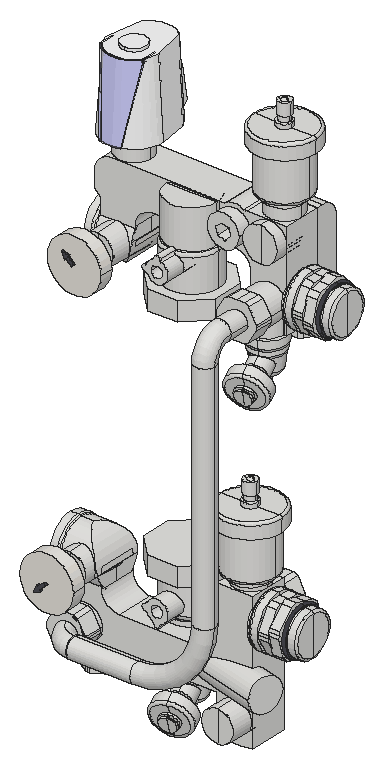
Revit family "VT.COMBI.S", category Оборудование, Revit 2019
Family settings
  Размер круглого соединителя = Использовать диаметр
  Тип детали = Нормальный
  Номер OmniClass = 23.75.00.00
  Заголовок OmniClass = Climate Control (HVAC)
  На основе рабочей плоскости = Нет
  Всегда вертикально = Да
  При загрузке вырезать с полостями = Нет
  Общий = Нет
  Точка расчета площади = Нет
Parameters
  Тип статьи = Группа модели  # "COMBI TNB/T/MNB/M"
  Техническое описание = "https://valtec.ru/catalog/sistemy_modulnogo_montazha/smesitelnye_uzly/nasosno_smesitelnyj_uzel_dlya_teplogo_pola_valtec_combi_vtcombi0.html"
  Термостат с аналоговым сервоприводом [instance] = yes
  Страна производитель = "Italy"
  Семейство продуктов = "Насосно-смесительный узел"
  Произведено в = "Сделано в Италии"  # constant formula
  Продукт = "COMBIMIX"
  Практическое руководство по использованию семьи = "- Вы должны выбрать тип смешивания. Отметьте эту опцию в параметрах «Свойства модели - смешивание с фиксированной точкой» или «Свойства модели - смешивание с внешней компенсированной температурой».\r\n- Вы должны выбрать место для насоса. Отметьте этот параметр в параметрах «Свойства модели - 130 мм пространства насоса» или «Свойства модели - 180 мм пространства насоса».\r\n- Вы должны выбрать, если насос включен или нет. Установите этот флажок в параметрах «Свойства модели - насос включен» или «Свойства модели - насос не включен».\r\n- Вы должны выбрать версию без байпаса (ожидается электронный насос с переменной скоростью) или с байпасом (ожидается стандартный трехскоростной насос). Отметьте эту опцию в параметрах «Свойства модели - байпас для электронасоса с переменной скоростью» или «Свойства модели - байпас для трехскоростного насоса»."
  Полный гидравлический возвратный поток = 0.0 L/s
  Описание Конфигурации = "Регулятор COMBIMIX для излучающих систем."
  Описание OmniClass = "Арматура"
  Описание NBS = "Арматура"
  Общий поток подачи гидравлики = 0.0 L/s
  Номинальная ширина = 0 mm
  Номинальная высота = 0 mm
  Название производителя = "IVAR"
  Материал основной = "Brass"
  Материал вторичный = "Copper"
  Мастерформат 2014 Описание = "Отопление, вентиляция и кондиционирование воздуха (HVAC)"
  Дата публикации = ""
  Группа товаров = "Смесительно группа для систем COMBIMIX"
  Гидравлический поток подачи = 0.0 L/s
  Гидравлический возвратный поток = 0.0 L/s
  нет байпаса для электронного насоса с переменной скоростью [instance] = yes
  байпас для трехскоростного насоса [instance] = not(нет байпаса для электронного насоса с переменной скоростью)  # no
  смешивание с внешней компенсированной температурой [instance] = not(Термостат с аналоговым сервоприводом)  # no
  Вес нетто (Kg) = "0"
  Uniformat II Description = "HVAC"
  Uniclass 2015 Имя = "Системы отопления, охлаждения и охлаждения"
  Uniclass 2.0 Описание = "Арматура"
  Uniclass 1.4 Описание = "Арматура"
  URL продукта = "https://valtec.ru/catalog/sistemy_modulnogo_montazha/smesitelnye_uzly/nasosno_smesitelnyj_uzel_dlya_teplogo_pola_valtec_combi_vtcombi0.html"
  URL бренда = "https://valtec.ru/catalog/sistemy_modulnogo_montazha/smesitelnye_uzly/nasosno_smesitelnyj_uzel_dlya_teplogo_pola_valtec_combi_vtcombi0.html"
  URL = "https://valtec.ru/catalog/sistemy_modulnogo_montazha/smesitelnye_uzly/nasosno_smesitelnyj_uzel_dlya_teplogo_pola_valtec_combi_vtcombi0.html"
  Revit Version = "2018"  # constant formula
  Размеры соединения насоса = "G 1\"1/2F flat seal"
  Product certification = "https://valtec.ru/catalog/sistemy_modulnogo_montazha/smesitelnye_uzly/nasosno_smesitelnyj_uzel_dlya_teplogo_pola_valtec_combi_vtcombi0.html"
  Макс рабочая температура = 100 °C
  Макс рабочее давление = 1000000.0 Pa
  Installation instructions = "https://valtec.ru/catalog/sistemy_modulnogo_montazha/smesitelnye_uzly/nasosno_smesitelnyj_uzel_dlya_teplogo_pola_valtec_combi_vtcombi0.html"
  IFC классификация = "Клапан"
  EAN code = ""
  Размер соединения = "G 1\""
  COBIe Тип Категория = ""
  BIM код основной категории объекта = "Водопровод"
  BIM код категории объекта = "Водопровод-дополнительный"
  BIM категория объекта = "Дополнительный"
  BIM главная категория объекта = "Водопровод"
  180мм пространство насосное [instance] = yes
  Изготовитель = "IVAR"  # constant formula
  Product Line = "RADIANT SYSTEMS"  # constant formula
  Группа модели = "COMBI TNB/T/MNB/M"  # constant formula
  Manufacturer URL = "https://valtec.ru/catalog/sistemy_modulnogo_montazha/smesitelnye_uzly/nasosno_smesitelnyj_uzel_dlya_teplogo_pola_valtec_combi_vtcombi0.html"
  Family Version = "Rev.00"  # constant formula
  EMCS Version = "3.0"  # constant formula
  Описание = "Насосно-смесительный узел"  # constant formula
  Article Description = Описание  # "Насосно-смесительный узел"
Reference planes
  plane 1 "Centro (Fronte/Retro)": y = 0
  plane 2: z = 0
  plane 3 "Centro (Sinistra/Destra)": x = 0
  plane 4: z = 0
Forms (mm)
  Extrusion 1, solid, material "RGB 233 227 216", detail levels medium+fine
    sketch origin (-114.408, -13.86, 331.639) x (1, 0, 0) y (0, 0, -1)
      loop
        circle (113.47, 331.639) r 20
    from -40.997 to -30.914
  Revolve 2, solid, material "Brass - Nickel", detail levels medium+fine
    sketch origin (-0.937, 0, 249.375) x (0, 1, 0) y (0, 0, 1)
      loop
        line (-32.823, -249.203) -> (-32.823, -244.861) -> (-45.074, -244.861) -> (-45.074, -249.203) -> (-32.823, -249.203)
      axis (-32.823, -249.203) -> (-45.074, -249.203)
    angle from 0 to 360
  Revolve 3, solid, material "Brass - Nickel", detail levels medium+fine
    sketch origin (-1, -0.005, 252.093) x (0, 1, 0) y (0, 0, 1)
      loop
        line (4.147, -251.762) -> (4.147, -238.699) -> (-32.823, -239.99) -> (-32.823, -251.762) -> (4.147, -251.762)
      axis (4.147, -251.762) -> (-32.823, -251.762)
    angle from 0 to 360
  Extrusion 4, solid, material "PA Nylon 6 - Black", detail levels fine
    sketch origin (-101.569, 0, 557.735) x (-0.681998, 0, -0.731354) y (0.731354, 0, -0.681998)
      loop
        line (338.094, 453.78) -> (338.094, 447.53) -> (337.012, 447.53) -> (339.344, 442.53) -> (341.834, 447.869) -> (340.594, 447.869) -> (340.594, 453.78) -> (338.094, 453.78)
    from 56.176 to 54.857
  Revolve 5, solid, material "Brass - Nickel", detail levels medium+fine
    sketch origin (223.213, 0, -173.084) x (1, 0, 0) y (0, 0, 1)
      loop
        line (-110.213, 302.071) -> (-111.347, 302.071) -> (-112.213, 300.571) -> (-115.063, 300.571) -> (-115.063, 291.801) -> (-114.013, 291.801) -> (-114.013, 287.571) -> (-115.069, 287.571)
        arc (-115.069, 287.571) -> (-115.552, 287.371) -> (-115.752, 286.887) r 0.683
        line (-115.752, 286.887) -> (-115.752, 283.771) -> (-131.874, 283.771)
        arc (-131.874, 283.771) -> (-133.135, 283.248) -> (-133.657, 281.988) r 1.783
        line (-133.657, 281.988) -> (-133.657, 272.584) -> (-129.113, 272.584) -> (-129.113, 241.092)
        arc (-129.113, 241.092) -> (-128.667, 240.016) -> (-127.591, 239.571) r 1.522
        line (-127.591, 239.571) -> (-123.853, 239.571) -> (-123.853, 235.071) -> (-123.067, 235.071) -> (-123.067, 226.084) -> (-110.213, 226.084) -> (-110.213, 302.071)
      axis (-110.213, 226.084) -> (-110.213, 302.071)
    angle from 0 to 360
  Extrusion 6, solid, material "Brass - Nickel", detail levels medium+fine
    sketch origin (0, 0, 0) x (1, 0, 0) y (0, 0, 1)
      loop
        arc (-18, 30.743) -> (-17.333, 28.119) -> (-15.495, 26.131) r 5.498
        arc (-15.495, 26.131) -> (-13.664, 24.151) -> (-13, 21.538) r 5.476
        line (-13, 21.538) -> (-13, 0) -> (12.997, 0) -> (12.997, 14.004)
        arc (12.997, 14.004) -> (16.804, 23.196) -> (25.996, 27.003) r 12.999
        line (25.996, 27.003) -> (76.011, 27.003)
        arc (76.011, 27.003) -> (80.671, 25.269) -> (85.642, 25.154) r 15
        arc (85.642, 25.154) -> (95.28, 22.328) -> (99.454, 13.192) r 12.086
        line (99.454, 13.192) -> (99.454, -20.5) -> (126, -20.5) -> (126, 53) -> (96.006, 53)
        arc (96.006, 53) -> (95.07, 53.109) -> (94.184, 53.428) r 4.089
        arc (94.184, 53.428) -> (87.289, 54.999) -> (80.441, 53.235) r 15
        arc (80.441, 53.235) -> (79.985, 53.06) -> (79.5, 53) r 2
        line (79.5, 53) -> (-5.024, 53)
        arc (-5.024, 53) -> (-14.199, 49.199) -> (-18, 40.024) r 12.976
        line (-18, 40.024) -> (-18, 30.743)
    from -14.5 to 14.5
  Extrusion 7, solid, material "Brass - Nickel", detail levels fine
    sketch origin (0, 0, 0) x (1, 0, 0) y (0, 0, 1)
      loop
        circle (56.5, 13) r 4.382
      loop
        arc (59.796, 20.411) -> (59.034, 21.054) -> (58.736, 22.006) r 1.787
        arc (58.736, 22.006) -> (56.5, 24.195) -> (54.264, 22.006) r 2.236
        arc (54.264, 22.006) -> (53.966, 21.054) -> (53.204, 20.411) r 1.787
        arc (53.204, 20.411) -> (50.765, 18.735) -> (49.089, 16.296) r 8.111
        arc (49.089, 16.296) -> (48.446, 15.534) -> (47.494, 15.236) r 1.787
        arc (47.494, 15.236) -> (45.305, 13) -> (47.494, 10.764) r 2.236
        arc (47.494, 10.764) -> (48.446, 10.466) -> (49.089, 9.704) r 1.787
        arc (49.089, 9.704) -> (62.235, 7.265) -> (59.796, 20.411) r 8.111
    from 0 to 48.854
  Revolve 8, solid, material "Brass - Nickel", detail levels medium+fine
    sketch origin (0, 0, 0) x (1, 0, 0) y (0, 0, 1)
      loop
        arc (-16.203, -20) -> (-15.418, -19.833) -> (-14.769, -19.36) r 1.926
        arc (-14.769, -19.36) -> (-14.404, -19.094) -> (-13.962, -19) r 1.084
        line (-13.962, -19) -> (12.997, -19) -> (12.997, 0) -> (-21.5, 0) -> (-21.5, -16.3) -> (-21.5, -20) -> (-16.203, -20)
      axis (-21.5, 0) -> (12.997, 0)
    angle from 0 to 360
  Extrusion 9, void
    sketch origin (0, 0, 0) x (1, 0, 0) y (0, 0, 1)
      loop
        line (-4.454, -19) -> (12.997, -19) -> (12.997, 4)
        arc (12.997, 4) -> (8.14, -10.435) -> (-4.454, -19) r 23.882
    from -100 to 100
  Revolve 10, solid, material "Brass - Nickel", detail levels medium+fine
    sketch origin (113, 0, 0) x (-1, 0, 0) y (0, 0, 1)
      loop
        arc (-16.203, -20) -> (-15.418, -19.833) -> (-14.769, -19.36) r 1.926
        arc (-14.769, -19.36) -> (-14.404, -19.094) -> (-13.962, -19) r 1.084
        line (-13.962, -19) -> (-13, -19) -> (-13, 0) -> (-21.5, 0) -> (-21.5, -20) -> (-16.203, -20)
      axis (-21.5, 0) -> (-13, 0)
    angle from 0 to 360
  Extrusion 11, solid, material "Brass - Nickel", detail levels fine
    sketch origin (0.938, 0, 0) x (1, 0, 0) y (0, 0, 1)
      loop
        line (84.327, 45.686) -> (79.904, 41.975) -> (80.907, 36.289) -> (86.332, 34.314) -> (90.755, 38.025) -> (89.752, 43.711) -> (84.327, 45.686)
      loop
        circle (85.33, 40.25) r 12
    from 0 to 24
  Extrusion 12, solid, material "Brass - Nickel", detail levels medium+fine
    sketch origin (0, -174.715, -655.949) x (0, 1, 0) y (0, 0, 1)
      loop
        line (154.855, 658.306) -> (154.855, 655.949) -> (154.855, 653.592) -> (162.743, 639.928) -> (166.826, 637.571) -> (174.723, 637.571) -> (182.604, 637.571) -> (186.687, 639.928) -> (194.576, 653.592) -> (194.576, 655.949) -> (194.576, 658.306) -> (186.687, 671.97) -> (182.604, 674.327) -> (174.723, 674.327) -> (166.826, 674.327) -> (162.743, 671.97) -> (154.855, 658.306)
    from 134.5 to 142.29
  Extrusion 13, solid, material "Brass - Nickel", detail levels medium+fine
    sketch origin (7.79, -10.837, -678.732) x (0, 0.970296, 0.241922) y (0, -0.241922, 0.970296)
      loop
        line (154.855, 658.306) -> (154.855, 655.949) -> (154.855, 653.592) -> (162.743, 639.928) -> (166.826, 637.571) -> (174.723, 637.571) -> (182.604, 637.571) -> (186.687, 639.928) -> (194.576, 653.592) -> (194.576, 655.949) -> (194.576, 658.306) -> (186.687, 671.97) -> (182.604, 674.327) -> (174.723, 674.327) -> (166.826, 674.327) -> (162.743, 671.97) -> (154.855, 658.306)
    from 134.5 to 142.29
  Extrusion 14, solid, material "Brass - Nickel", detail levels medium+fine
    sketch origin (0, 0, 0) x (1, 0, 0) y (0, 0, 1)
      loop
        circle (112.83, -1.5) r 13
    from -13.998 to 31.533
  Extrusion 15, solid, material "Brass - Nickel", detail levels medium+fine
    sketch origin (-61.893, 92.346, -657.449) x (1, 0, 0) y (0, 0, 1)
      loop
        line (159.873, 657.711) -> (159.873, 655.949) -> (159.873, 654.187) -> (165.769, 643.974) -> (168.821, 642.212) -> (174.723, 642.212) -> (180.613, 642.212) -> (183.665, 643.974) -> (189.561, 654.187) -> (189.561, 655.949) -> (189.561, 657.711) -> (183.665, 667.924) -> (180.613, 669.686) -> (174.723, 669.686) -> (168.821, 669.686) -> (165.769, 667.924) -> (159.873, 657.711)
    from 123.88 to 136.846
  Extrusion 16, solid, material "RGB 233 227 216", detail levels medium+fine
    sketch origin (-114.095, -40.003, -533.639) x (1, 0, 0) y (0, 0, -1)
      loop
        circle (113.47, -331.619) r 20
    from -40.997 to -30.914
  Revolve 17, solid, material "Brass - Nickel", detail levels medium+fine
    sketch origin (-0.625, -26.143, -451.375) x (0, 1, 0) y (0, 0, 1)
      loop
        line (-32.823, 249.182) -> (-45.074, 249.182) -> (-45.074, 244.841) -> (-32.823, 244.841) -> (-32.823, 249.182)
      axis (-32.823, 249.182) -> (-45.074, 249.182)
    angle from 0 to 360
  Revolve 18, solid, material "Brass - Nickel", detail levels medium+fine
    sketch origin (-0.937, -26.143, -454.075) x (0, 1, 0) y (0, 0, 1)
      loop
        line (4.147, 251.742) -> (-32.823, 251.742) -> (-32.823, 239.969) -> (4.147, 238.678) -> (4.147, 251.742)
      axis (4.147, 251.742) -> (-32.823, 251.742)
    angle from 0 to 360
  Extrusion 19, solid, material "PA Nylon 6 - Black", detail levels fine
    sketch origin (-101.256, -26.143, -759.735) x (-0.681998, 0, 0.731354) y (-0.731354, 0, -0.681998)
      loop
        line (338.079, -453.766) -> (340.579, -453.766) -> (340.579, -447.855) -> (341.819, -447.855) -> (339.329, -442.516) -> (336.998, -447.516) -> (338.079, -447.516) -> (338.079, -453.766)
    from 56.176 to 54.857
  Extrusion 20, solid, material "Brass - Nickel", detail levels medium+fine
    sketch origin (0, -32, -202) x (1, 0, 0) y (0, 0, 1)
      loop
        line (-18, -30.763) -> (-18, -40.044)
        arc (-18, -40.044) -> (-14.199, -49.22) -> (-5.024, -53.02) r 12.976
        line (-5.024, -53.02) -> (99.525, -53.02) -> (99.525, -81.481)
        arc (99.525, -81.481) -> (112.762, -83.009) -> (126, -81.481) r 58.134
        line (126, -81.481) -> (126, 20.48) -> (99.454, 20.48) -> (99.454, -14.041)
        arc (99.454, -14.041) -> (95.651, -23.221) -> (86.471, -27.024) r 12.982
        line (86.471, -27.024) -> (25.996, -27.024)
        arc (25.996, -27.024) -> (16.804, -23.216) -> (12.997, -14.025) r 12.999
        line (12.997, -14.025) -> (12.997, -0.02) -> (-13, -0.02) -> (-13, -21.558)
        arc (-13, -21.558) -> (-13.664, -24.172) -> (-15.495, -26.151) r 5.476
        arc (-15.495, -26.151) -> (-17.333, -28.139) -> (-18, -30.763) r 5.498
    from -14.5 to 14.5
  Extrusion 21, solid, material "Brass - Nickel", detail levels fine
    sketch origin (0, 0, -202) x (1, 0, 0) y (0, 0, 1)
      loop
        circle (56.5, -13.02) r 4.382
      loop
        arc (59.796, -20.431) -> (62.235, -7.285) -> (49.089, -9.724) r 8.111
        arc (49.089, -9.724) -> (48.446, -10.486) -> (47.494, -10.785) r 1.787
        arc (47.494, -10.785) -> (45.305, -13.02) -> (47.494, -15.256) r 2.236
        arc (47.494, -15.256) -> (48.446, -15.555) -> (49.089, -16.317) r 1.787
        arc (49.089, -16.317) -> (50.765, -18.755) -> (53.204, -20.431) r 8.111
        arc (53.204, -20.431) -> (53.966, -21.075) -> (54.264, -22.026) r 1.787
        arc (54.264, -22.026) -> (56.5, -24.216) -> (58.736, -22.026) r 2.236
        arc (58.736, -22.026) -> (59.034, -21.075) -> (59.796, -20.431) r 1.787
    from 0 to 48.854
  Revolve 22, solid, material "Brass - Nickel", detail levels medium+fine
    sketch origin (0, -32, -202) x (1, 0, 0) y (0, 0, -1)
      loop
        line (-13, 46.622) -> (0, 46.622) -> (0, 60.52) -> (-13, 60.52) -> (-13, 46.622)
      axis (0, 46.622) -> (0, 60.52)
    angle from 0 to 360
  Revolve 23, solid, material "Brass - Nickel", detail levels medium+fine
    sketch origin (0, -32, -202) x (1, 0, 0) y (0, 0, -1)
      loop
        arc (-16.203, -19.98) -> (-15.418, -19.812) -> (-14.769, -19.34) r 1.926
        arc (-14.769, -19.34) -> (-14.404, -19.074) -> (-13.962, -18.98) r 1.084
        line (-13.962, -18.98) -> (12.997, -18.98) -> (12.997, 0.02) -> (-21.5, 0.02) -> (-21.5, -16.239) -> (-21.5, -19.98) -> (-16.203, -19.98)
      axis (-21.5, 0.02) -> (12.997, 0.02)
    angle from 0 to 360
  Extrusion 24, void
    sketch origin (0, 0, -202) x (1, 0, 0) y (0, 0, 1)
      loop
        arc (-4.454, 18.98) -> (8.14, 10.415) -> (12.997, -4.02) r 23.882
        line (12.997, -4.02) -> (12.997, 18.98) -> (-4.454, 18.98)
    from -8.09 to 55
  Revolve 25, solid, material "Brass - Nickel", detail levels medium+fine
    sketch origin (113, -32, -202) x (-1, 0, 0) y (0, 0, -1)
      loop
        arc (-16.203, -19.98) -> (-15.418, -19.812) -> (-14.769, -19.34) r 1.926
        arc (-14.769, -19.34) -> (-14.404, -19.074) -> (-13.962, -18.98) r 1.084
        line (-13.962, -18.98) -> (-13, -18.98) -> (-13, 0.02) -> (-21.5, 0.02) -> (-21.5, -19.98) -> (-16.203, -19.98)
      axis (-21.5, 0.02) -> (-13, 0.02)
    angle from 0 to 360
  Extrusion 26, solid, material "Brass - Nickel", detail levels medium+fine
    sketch origin (0, -206.715, 453.949) x (0, 1, 0) y (0, 0, 1)
      loop
        line (154.855, -658.327) -> (162.743, -671.991) -> (166.826, -674.348) -> (174.723, -674.348) -> (182.604, -674.348) -> (186.687, -671.991) -> (194.576, -658.327) -> (194.576, -655.969) -> (194.576, -653.612) -> (186.687, -639.948) -> (182.604, -637.591) -> (174.723, -637.591) -> (166.826, -637.591) -> (162.743, -639.948) -> (154.855, -653.612) -> (154.855, -655.969) -> (154.855, -658.327)
    from 134.5 to 142.29
  Extrusion 27, solid, material "Brass - Nickel", detail levels medium+fine
    sketch origin (7.79, -42.837, 476.732) x (0, 0.970296, -0.241922) y (0, 0.241922, 0.970296)
      loop
        line (154.859, -658.326) -> (162.748, -671.99) -> (166.831, -674.347) -> (174.727, -674.347) -> (182.609, -674.347) -> (186.692, -671.99) -> (194.581, -658.326) -> (194.581, -655.969) -> (194.581, -653.612) -> (186.692, -639.948) -> (182.609, -637.59) -> (174.727, -637.59) -> (166.831, -637.59) -> (162.748, -639.948) -> (154.859, -653.612) -> (154.859, -655.969) -> (154.859, -658.326)
    from 134.5 to 142.29
  Extrusion 28, solid, material "Brass - Nickel", detail levels medium+fine
    sketch origin (0, 0, -203.5) x (1, 0, 0) y (0, 0, 1)
      loop
        circle (112.83, 1.48) r 11.5
    from 10.5 to 32
  Revolve 29, solid, material "Brass - Nickel", detail levels medium+fine
    sketch origin (223.213, -32, -413.834) x (1, 0, 0) y (0, 0, 1)
      loop
        line (-110.213, 302.008) -> (-111.347, 302.008) -> (-112.213, 300.508) -> (-115.063, 300.508) -> (-115.063, 291.739) -> (-114.013, 291.739) -> (-114.013, 287.508) -> (-115.069, 287.508)
        arc (-115.069, 287.508) -> (-115.552, 287.308) -> (-115.752, 286.824) r 0.683
        line (-115.752, 286.824) -> (-115.752, 283.708) -> (-131.874, 283.708)
        arc (-131.874, 283.708) -> (-133.135, 283.186) -> (-133.657, 281.925) r 1.783
        line (-133.657, 281.925) -> (-133.657, 272.522) -> (-129.113, 272.522) -> (-129.113, 241.072)
        arc (-129.113, 241.072) -> (-128.667, 239.996) -> (-127.591, 239.55) r 1.522
        line (-127.591, 239.55) -> (-123.853, 239.55) -> (-123.853, 235.05) -> (-123.067, 235.05) -> (-123.067, 226.064) -> (-110.213, 226.064) -> (-110.213, 302.008)
      axis (-110.213, 226.064) -> (-110.213, 302.008)
    angle from 0 to 360
  Extrusion 30, solid, material "Brass - Nickel", detail levels medium+fine
    sketch origin (-349.401, -1008.659, -300.146) x (1, 0, 0) y (0, 1, 0)
      loop
        line (349.401, 988.062) -> (347.987, 987.964) -> (340.298, 983.524) -> (338.907, 981.116) -> (338.907, 976.662) -> (338.907, 972.209) -> (340.298, 969.801) -> (347.987, 965.361) -> (349.401, 965.262) -> (350.816, 965.361) -> (358.505, 969.801) -> (359.896, 972.209) -> (359.896, 976.662) -> (359.896, 981.116) -> (358.505, 983.524) -> (350.816, 987.964) -> (349.401, 988.062)
    from 22.503 to 30
  Extrusion 31, solid, material "Brass - Nickel", detail levels medium+fine
    sketch origin (-349.401, -1008.659, 20) x (1, 0, 0) y (0, 1, 0)
      loop
        line (349.401, 988.662) -> (343.783, 988.662) -> (341.818, 987.528) -> (336.2, 977.797) -> (336.2, 976.659) -> (336.2, 975.528) -> (341.818, 965.797) -> (343.783, 964.662) -> (349.401, 964.662) -> (355.019, 964.662) -> (356.985, 965.797) -> (362.603, 975.528) -> (362.603, 976.659) -> (362.603, 977.797) -> (356.985, 987.528) -> (355.019, 988.662) -> (349.401, 988.662)
    from -290.146 to -282.5
  Extrusion 32, solid, material "Brass - Nickel", detail levels medium+fine
    sketch origin (-112.83, -32, -240.5) x (1, 0, 0) y (0, 0, 1)
      loop
        circle (112.83, -1.52) r 13
    from 0 to 31.533
  Extrusion 33, solid, material "Brass - Nickel", detail levels medium+fine
    sketch origin (-174.723, 73.284, -897.949) x (1, 0, 0) y (0, 0, 1)
      loop
        line (159.873, 657.691) -> (159.873, 655.929) -> (159.873, 654.167) -> (165.769, 643.954) -> (168.821, 642.192) -> (174.723, 642.192) -> (180.613, 642.192) -> (183.665, 643.954) -> (189.561, 654.167) -> (189.561, 655.929) -> (189.561, 657.691) -> (183.665, 667.904) -> (180.613, 669.665) -> (174.723, 669.665) -> (168.821, 669.665) -> (165.769, 667.904) -> (159.873, 657.691)
    from 123.88 to 136.846
  Revolve 34, solid, material "Brass - Nickel", detail levels medium+fine
    sketch origin (112.762, -29.643, -518.075) x (0, 1, 0) y (0, 0, 1)
      loop
        line (-9.511, 251.742) -> (-32.823, 251.742) -> (-32.823, 239.969) -> (-9.511, 239.562) -> (-9.511, 251.742)
      axis (-9.511, 251.742) -> (-32.823, 251.742)
    angle from 0 to 360
  Extrusion 35, solid, material "Brass - Nickel", detail levels fine
    sketch origin (123.394, 6.71, 0) x (0.258819, 0.965926, 0) y (0, 0, 1)
      loop
        circle (-50.614, -242.021) r 12.5
    from -36.32 to 28.834
  Sweep 36, solid, material "Copper - Nickel", detail levels medium+fine
    path origin (0, -75, 0) x (1, 0, 0) y (0, 0, 1)
      loop
        line (15, -242.021) -> (63, -242.021)
        arc (63, -242.021) -> (98.355, -227.377) -> (113, -192.021) r 50
        line (113, -192.021) -> (113, -16.5)
    profile origin (39, -75, -242.021) x (0, 0, 1) y (0, -1, 0)
      loop
        circle (0, 0) r 7.5
  Sweep 37, solid, material "Copper - Nickel", detail levels medium+fine
    path origin (113, 0, 0) x (0, 1, 0) y (0, 0, 1)
      loop
        arc (-75, -16.5) -> (-70.607, -5.893) -> (-60, -1.5) r 15
        line (-60, -1.5) -> (-41.249, -1.5)
    profile origin (113, -50.625, -1.5) x (0, 0, 1) y (1, 0, 0)
      loop
        circle (0, 0) r 7.5
  Sweep 38, solid, material "Copper - Nickel", detail levels medium+fine
    path origin (-1.5, 0, -242.001) x (0, 1, 0) y (-1, 0, 0)
      loop
        arc (-75, -16.5) -> (-70.607, -5.893) -> (-60, -1.5) r 15
        line (-60, -1.5) -> (-51.71, -1.5)
    profile origin (0, -55.855, -242.001) x (-1, 0, 0) y (0, 0, 1)
      loop
        circle (0, 0) r 7.5
  Revolve 39, solid, material "Plastic - White", visible <- "смешивание с внешней компенсированной температурой", detail levels medium+fine
    sketch origin (-223.298, 0, 9.135) x (1, 0, 0) y (0, 0, 1)
      loop
        line (223.298, 54.834) -> (223.298, 76.174) -> (220.679, 76.174)
        arc (220.679, 76.174) -> (216.266, 75.966) -> (211.892, 75.341) r 46.754
        arc (211.892, 75.341) -> (209.309, 73.812) -> (208.292, 70.988) r 4.433
        line (208.292, 70.988) -> (208.292, 67.232)
        arc (208.292, 67.232) -> (207.891, 65.17) -> (206.747, 63.407) r 5.507
        arc (206.747, 63.407) -> (206.415, 62.896) -> (206.299, 62.298) r 1.596
        line (206.299, 62.298) -> (206.299, 54.834) -> (223.298, 54.834)
      axis (223.298, 54.834) -> (223.298, 76.174)
    angle from 0 to 360
  Extrusion 40, solid, material "Brass - Nickel", detail levels medium+fine
    sketch origin (-2.108, 0, 0) x (0, 1, 0) y (0, 0, 1)
      loop
        line (14.5, 53) -> (14.5, -20.5) -> (32, -20.5) -> (32, 40.425)
        arc (32, 40.425) -> (28.317, 49.317) -> (19.425, 53) r 12.575
        line (19.425, 53) -> (14.5, 53)
    from 101.562 to 128.108
  Extrusion 41, solid, material "Brass - Nickel", detail levels medium+fine
    sketch origin (-61.893, 104.846, -857.949) x (1, 0, 0) y (0, 0, 1)
      loop
        line (159.873, 657.691) -> (159.873, 655.929) -> (159.873, 654.167) -> (165.769, 643.954) -> (168.821, 642.192) -> (174.723, 642.192) -> (180.613, 642.192) -> (183.665, 643.954) -> (189.561, 654.167) -> (189.561, 655.929) -> (189.561, 657.691) -> (183.665, 667.904) -> (180.613, 669.665) -> (174.723, 669.665) -> (168.821, 669.665) -> (165.769, 667.904) -> (159.873, 657.691)
    from 103.846 to 115.346
  Extrusion 42, solid, material "Brass - Nickel", detail levels medium+fine
    sketch origin (-61.723, -637.395, -136.345) x (1, 0, 0) y (0, 1, 0)
      loop
        line (159.873, 657.711) -> (159.873, 655.949) -> (159.873, 654.187) -> (165.769, 643.974) -> (168.821, 642.212) -> (174.723, 642.212) -> (180.613, 642.212) -> (183.665, 643.974) -> (189.561, 654.187) -> (189.561, 655.949) -> (189.561, 657.711) -> (183.665, 667.924) -> (180.613, 669.686) -> (174.723, 669.686) -> (168.821, 669.686) -> (165.769, 667.924) -> (159.873, 657.711)
    from 103.846 to 115.845
  Extrusion 43, solid, material "Brass - Nickel", detail levels medium+fine
    sketch origin (0, 0, 0) x (1, 0, 0) y (0, 1, 0)
      loop
        circle (112.926, -14.736) r 11.4
    from -20.196 to 0
  Sweep 44, solid, material "Copper - Nickel", visible <- "байпас для трехскоростного насоса", detail levels medium+fine
    path origin (0, 0, 0) x (0, 1, 0) y (0, 0, 1)
      loop
        line (-4.679, -202.02) -> (-1.5, -202.02)
        arc (-1.5, -202.02) -> (12.642, -196.163) -> (18.5, -182.02) r 20
        line (18.5, -182.02) -> (18.5, -28.25)
    profile origin (0, -3.09, -202.02) x (0, 0, 1) y (1, 0, 0)
      loop
        circle (0, 113) r 7.5
  Revolve 45, solid, material "Brass - Nickel", visible <- "байпас для трехскоростного насоса", detail levels medium+fine
    sketch origin (113, -421.12, -92.461) x (0, 0.230646, -0.973038) y (0, 0.973038, 0.230646)
      loop
        line (-41.775, 398.068) -> (-37.021, 418.126) -> (-47.69, 420.656) -> (-48.843, 415.79) -> (-47.344, 413.649) -> (-50.545, 400.147) -> (-41.775, 398.068)
      axis (-37.021, 418.126) -> (-41.775, 398.068)
    angle from 0 to 360
  Revolve 46, solid, material "PA Nylon 6 - Black", visible <- "байпас для трехскоростного насоса", detail levels medium+fine
    sketch origin (113, -421.12, -92.461) x (0, 0.230646, -0.973038) y (0, 0.973038, 0.230646)
      loop
        line (-48.579, 369.364) -> (-41.775, 398.068) -> (-52.944, 400.715) -> (-54.367, 399.186) -> (-54.629, 398.038) -> (-55.569, 398.253) -> (-56.295, 397.136)
        arc (-56.295, 397.136) -> (-56.522, 396.707) -> (-56.671, 396.246) r 2.761
        line (-56.671, 396.246) -> (-61.446, 375.29)
        arc (-61.446, 375.29) -> (-61.089, 373.171) -> (-59.344, 371.916) r 2.823
        line (-59.344, 371.916) -> (-48.579, 369.364)
      axis (-41.775, 398.068) -> (-48.579, 369.364)
    angle from 0 to 360
  Revolve 47, solid, material "Brass - Nickel", detail levels medium+fine
    sketch origin (113, -421.12, -92.461) x (0, 0.230646, -0.973038) y (0, 0.973038, 0.230646)
      loop
        line (-37.021, 418.126) -> (-31.761, 440.317) -> (-44.376, 443.307) -> (-49.636, 421.117) -> (-37.021, 418.126)
      axis (-31.761, 440.317) -> (-37.021, 418.126)
    angle from 0 to 360
  Revolve 48, solid, material "Brass - Nickel", detail levels medium+fine
    sketch origin (36.171, 59.526, 0) x (-0.258819, 0.965926, 0) y (0, 0, 1)
      loop
        line (-78.453, -259.696) -> (-78.453, -291.6) -> (-75.493, -291.6) -> (-75.493, -286.656) -> (-72.071, -286.656)
        arc (-72.071, -286.656) -> (-69.415, -285.636) -> (-68.123, -283.101) r 3.97
        line (-68.123, -283.101) -> (-67.051, -272.899) -> (-65.967, -270.773) -> (-65.967, -267.44) -> (-64.703, -265.494) -> (-64.703, -259.696) -> (-78.453, -259.696)
      axis (-78.453, -259.696) -> (-78.453, -291.6)
    angle from 0 to 360
  Revolve 49, solid, material "Brass - Nickel", detail levels medium+fine
    sketch origin (36.171, 59.526, 0) x (-0.258819, 0.965926, 0) y (0, 0, 1)
      loop
        line (-86.615, -269.057) -> (-97.744, -273.108) -> (-104.8, -270.54) -> (-105.633, -270.843) -> (-106.342, -268.893) -> (-113.343, -271.441)
        arc (-113.343, -271.441) -> (-114.394, -272.404) -> (-114.456, -273.828) r 1.863
        line (-114.456, -273.828) -> (-112.391, -279.503) -> (-114.243, -280.177) -> (-113.387, -282.529) -> (-114.367, -282.886) -> (-114.881, -281.473) -> (-116.003, -281.882) -> (-113.95, -287.52) -> (-83.878, -276.575) -> (-86.615, -269.057)
      axis (-113.95, -287.52) -> (-83.878, -276.575)
    angle from 0 to 360
  Revolve 50, solid, material "Brass - Nickel", detail levels medium+fine
    sketch origin (92.621, 59.476, 239.5) x (-0.258819, 0.965926, 0) y (0, 0, 1)
      loop
        line (-78.453, -259.696) -> (-78.453, -291.6) -> (-75.493, -291.6) -> (-75.493, -286.656) -> (-72.071, -286.656)
        arc (-72.071, -286.656) -> (-69.415, -285.636) -> (-68.123, -283.101) r 3.97
        line (-68.123, -283.101) -> (-67.051, -272.899) -> (-65.967, -270.773) -> (-65.967, -267.44) -> (-64.703, -265.494) -> (-64.703, -259.696) -> (-78.453, -259.696)
      axis (-78.453, -259.696) -> (-78.453, -291.6)
    angle from 0 to 360
  Revolve 51, solid, material "Brass - Nickel", detail levels medium+fine
    sketch origin (92.621, 59.476, 239.5) x (-0.258819, 0.965926, 0) y (0, 0, 1)
      loop
        line (-86.615, -269.057) -> (-97.744, -273.108) -> (-104.8, -270.54) -> (-105.633, -270.843) -> (-106.342, -268.893) -> (-113.343, -271.441)
        arc (-113.343, -271.441) -> (-114.394, -272.404) -> (-114.456, -273.828) r 1.863
        line (-114.456, -273.828) -> (-112.391, -279.503) -> (-114.243, -280.177) -> (-113.387, -282.529) -> (-114.367, -282.886) -> (-114.881, -281.473) -> (-116.003, -281.882) -> (-113.95, -287.52) -> (-83.878, -276.575) -> (-86.615, -269.057)
      axis (-113.95, -287.52) -> (-83.878, -276.575)
    angle from 0 to 360
  Revolve 52, solid, material "Brass - Nickel", detail levels medium+fine
    sketch origin (0, 0, 0.097) x (1, 0, 0) y (0, 0, 1)
      loop
        line (-14.298, 64.256) -> (-14.298, 69.256) -> (0, 69.256) -> (0, 73.756) -> (-16.498, 73.756) -> (-16.498, 64.256) -> (-14.298, 64.256)
      axis (0, 73.756) -> (0, 64.256)
    angle from 0 to 360
  Revolve 53, solid, material "Brass - Nickel", detail levels medium+fine
    sketch origin (-624.799, 0, -398.804) x (1, 0, 0) y (0, 0, 1)
      loop
        line (611.875, 445.528) -> (624.799, 445.528) -> (624.799, 482.836) -> (623.656, 482.836) -> (623.656, 476.561) -> (621.259, 476.561) -> (621.259, 473.629) -> (615.63, 473.629) -> (615.63, 468.157) -> (610.938, 468.157) -> (609.938, 467.157) -> (609.938, 464.657) -> (610.938, 463.657) -> (611.875, 463.657) -> (611.875, 445.528)
      axis (624.799, 482.836) -> (624.799, 445.528)
    angle from 0 to 360
  Revolve 54, solid, material "Brass - Nickel", detail levels medium+fine
    sketch origin (-447.726, -32, -641.307) x (1, 0, 0) y (0, 0, 1)
      loop
        line (597.807, 439.307) -> (607.976, 439.307) -> (607.976, 453.736) -> (606.869, 455.653) -> (601.869, 455.653) -> (600.936, 454.038) -> (597.807, 454.038) -> (597.807, 439.307)
      axis (597.807, 439.307) -> (607.976, 439.307)
    angle from 0 to 360
  Revolve 55, solid, material "Brass - Nickel", detail levels medium+fine
    sketch origin (-447.726, 0, -439.307) x (1, 0, 0) y (0, 0, 1)
      loop
        line (597.807, 439.307) -> (607.976, 439.307) -> (607.976, 453.736) -> (606.869, 455.653) -> (601.869, 455.653) -> (600.936, 454.038) -> (597.807, 454.038) -> (597.807, 439.307)
      axis (597.807, 439.307) -> (607.976, 439.307)
    angle from 0 to 360
  Revolve 56, solid, material "EPDM - Black", detail levels fine
    sketch origin (40.346, 0, 17.25) x (1, 0, 0) y (0, 0, 1)
      loop
        circle (111.009, -0.491) r 1.25
      axis (109.759, -17.25) -> (112.259, -17.25)
    angle from 0 to 360
  Revolve 57, solid, material "EPDM - Black", detail levels fine
    sketch origin (40.346, -32, -184.781) x (1, 0, 0) y (0, 0, 1)
      loop
        circle (111.009, -0.491) r 1.25
      axis (109.759, -17.25) -> (112.259, -17.25)
    angle from 0 to 360
  Extrusion 58, solid, material "Brass - Nickel", visible <- "180мм пространство насосное", detail levels medium+fine
    sketch origin (277.5, 40.258, -251.17) x (-1, 0, 0) y (0, -1, 0)
      loop
        line (248.125, 45.327) -> (248.125, 67.798) -> (232.236, 83.687) -> (209.764, 83.687) -> (193.875, 67.798) -> (193.875, 45.327) -> (209.764, 29.438) -> (232.236, 29.438) -> (248.125, 45.327)
    from 232.17 to 246.7
  Extrusion 59, solid, material "Brass - Nickel", visible <- "180мм пространство насосное", detail levels medium+fine
    sketch origin (277.5, 40.258, -429.73) x (-1, 0, 0) y (0, -1, 0)
      loop
        line (248.125, 45.327) -> (248.125, 67.798) -> (232.236, 83.687) -> (209.764, 83.687) -> (193.875, 67.798) -> (193.875, 45.327) -> (209.764, 29.438) -> (232.236, 29.438) -> (248.125, 45.327)
    from 232.249 to 246.68
  Revolve 60, solid, material "Brass - Nickel", visible <- "180мм пространство насосное", detail levels medium+fine
    sketch origin (0, -16.304, 0) x (0, 0, -1) y (-1, 0, 0)
      loop
        arc (-19.843, -36.5) -> (-21.368, -36.798) -> (-22.668, -37.648) r 4.05
        arc (-22.668, -37.648) -> (-22.997, -37.863) -> (-23.384, -37.939) r 1.025
        line (-23.384, -37.939) -> (-52.431, -37.939) -> (-52.431, -56.5) -> (11.076, -56.5) -> (11.076, -36.5) -> (-19.843, -36.5)
      axis (-52.431, -56.5) -> (11.076, -56.5)
    angle from 0 to 360
  Revolve 61, solid, material "Brass - Nickel", visible <- "180мм пространство насосное", detail levels medium+fine
    sketch origin (0, -16.304, -202) x (0, 0, 1) y (-1, 0, 0)
      loop
        arc (-19.864, -36.5) -> (-21.388, -36.798) -> (-22.689, -37.648) r 4.05
        arc (-22.689, -37.648) -> (-23.018, -37.863) -> (-23.404, -37.939) r 1.025
        line (-23.404, -37.939) -> (-53.02, -37.939) -> (-53.02, -41.387)
        arc (-53.02, -41.387) -> (-53.639, -42.881) -> (-55.133, -43.5) r 2.113
        line (-55.133, -43.5) -> (-57.717, -43.5) -> (-57.717, -56.5) -> (10.872, -56.5) -> (10.872, -36.5) -> (-19.864, -36.5)
      axis (-57.717, -56.5) -> (10.872, -56.5)
    angle from 0 to 360
Cuts and joins
  Extrusion 9, Extrusion 24 cuts Extrusion 6
  Extrusion 9, Extrusion 24 cuts Revolve 8
  Extrusion 24 cuts Extrusion 1
  Extrusion 24 cuts Revolve 3
  Extrusion 24 cuts Extrusion 16
  Extrusion 24 cuts Extrusion 20
  Extrusion 24 cuts Revolve 23
Lines and regions (mm)
  model lines, style "IVAR_LOW PROFILE", detail levels coarse
    curve 1: line (-40.656, -85.819, -299.548) -> (160.338, -85.819, -299.548)
    curve 2: line (160.338, -85.819, -299.548) -> (160.338, 32.29, -299.548)
    curve 3: line (160.338, 32.29, -299.548) -> (-40.656, 32.29, -299.548)
    curve 4: line (-40.656, 32.29, -299.548) -> (-40.656, -85.819, -299.548)
    curve 5: line (-40.656, -85.819, 142.965) -> (160.338, -85.819, 142.965)
    curve 6: line (160.338, -85.819, 142.965) -> (160.338, 32.29, 142.965)
    curve 7: line (160.338, 32.29, 142.965) -> (-40.656, 32.29, 142.965)
    curve 8: line (-40.656, 32.29, 142.965) -> (-40.656, -85.819, 142.965)
    curve 9: line (-40.656, -85.819, 142.965) -> (-40.656, -85.819, -299.548)
    curve 10: line (160.338, -85.819, -299.548) -> (160.338, -85.819, 142.965)
    curve 11: line (-40.656, 32.29, -299.548) -> (-40.656, 32.29, 142.965)
    curve 12: line (160.338, 32.29, 142.965) -> (160.338, 32.29, -299.548)
Dimensions and locks
  aligned and locked: level to plane 2
Nested families
  nested 1: "Семейство2" at (0, -0.014, 67.06) x (0, 1, 0) z (0, 0, 1), visible <- "Термостат с аналоговым сервоприводом", type "Семейство2"
Connectors
  piping at (-21.5, 0, 0), diameter 25, driven by "Общий поток подачи гидравлики"
    settings: on cut or joined group of Revolve 8, Extrusion 9, Extrusion 24, index 3, connector inside diameter 609.6 mm, connector length 0 mm, flow factor 0, pipe flow 0.0 L/s, pressure drop 0.0 Pa, fitting loss kfactor 0, connector angle 0.00°, fixture units 0, engagement length 0 mm, angle of deflection 0.00°, flow configuration 1, flow direction 1, fitting loss method 0, system type 7, joint type 0, gender type 0, connector reference index -1, connector utility 0, adjustable connector no, is connector primary yes, connector description "Total Hydronic Supply Flow_IN"
  piping at (-21.5, -32, -202.02), diameter 25, driven by "Полный гидравлический возвратный поток"
    settings: on cut or joined group of Revolve 23, Extrusion 24, index 4, connector inside diameter 609.6 mm, connector length 0 mm, flow factor 0, pipe flow 0.0 L/s, pressure drop 0.0 Pa, fitting loss kfactor 0, connector angle 0.00°, fixture units 0, engagement length 0 mm, angle of deflection 0.00°, flow configuration 1, flow direction 2, fitting loss method 0, system type 8, joint type 0, gender type 0, connector reference index -1, connector utility 0, adjustable connector no, is connector primary no, connector description "Total Hydronic Return Flow_OUT"
  piping at (0, 0, 69.353), diameter 30
    settings: on Revolve 53, index 5, connector inside diameter 609.6 mm, connector length 0 mm, flow factor 0, pipe flow 0.0 L/s, pressure drop 0.0 Pa, fitting loss kfactor 0, connector angle 0.00°, fixture units 0, engagement length 0 mm, angle of deflection 0.00°, flow configuration 0, flow direction 0, fitting loss method 0, system type 28, joint type 0, gender type 0, connector reference index -1, connector utility 0, adjustable connector no, is connector primary no, connector description ""
  piping at (150.081, 0.001, 0), diameter 25, driven by "Гидравлический возвратный поток"
    settings: on Extrusion 13, index 26, connector inside diameter 609.6 mm, connector length 0 mm, flow factor 0, pipe flow 0.0 L/s, pressure drop 0.0 Pa, fitting loss kfactor 0, connector angle 0.00°, fixture units 0, engagement length 0 mm, angle of deflection 0.00°, flow configuration 0, flow direction 1, fitting loss method 0, system type 8, joint type 0, gender type 0, connector reference index -1, connector utility 0, adjustable connector no, is connector primary no, connector description "Hydronic Return Flow_IN"
  piping at (150.081, -32, -202), diameter 25, driven by "Гидравлический поток подачи"
    settings: on Revolve 54, index 27, connector inside diameter 609.6 mm, connector length 0 mm, flow factor 0, pipe flow 0.0 L/s, pressure drop 0.0 Pa, fitting loss kfactor 0, connector angle 0.00°, fixture units 0, engagement length 0 mm, angle of deflection 0.00°, flow configuration 0, flow direction 2, fitting loss method 0, system type 7, joint type 0, gender type 0, connector reference index -1, connector utility 0, adjustable connector no, is connector primary no, connector description "Hydronic Supply Flow_OUT"
  piping at (56.5, -16.304, -19), diameter 44.8, driven by "Размеры соединения насоса"
    settings: on Extrusion 58, index 28, connector inside diameter 609.6 mm, connector length 0 mm, flow factor 0, pipe flow 0.0 L/s, pressure drop 0.0 Pa, fitting loss kfactor 0, connector angle 0.00°, fixture units 0, engagement length 0 mm, angle of deflection 0.00°, flow configuration 0, flow direction 2, fitting loss method 0, system type 19, joint type 0, gender type 0, connector reference index -1, connector utility 0, adjustable connector no, is connector primary no, connector description "G 1\"1/2F flat seal"
  piping at (56.5, -16.304, -183.051), diameter 44.8, driven by "Размеры соединения насоса"
    settings: on Extrusion 59, index 29, connector inside diameter 609.6 mm, connector length 0 mm, flow factor 0, pipe flow 0.0 L/s, pressure drop 0.0 Pa, fitting loss kfactor 0, connector angle 0.00°, fixture units 0, engagement length 0 mm, angle of deflection 0.00°, flow configuration 0, flow direction 1, fitting loss method 0, system type 19, joint type 0, gender type 0, connector reference index -1, connector utility 0, adjustable connector no, is connector primary no, connector description "G 1\"1/2F flat seal"
Definition of nested family "Семейство2"
  Parameters (values of type "Семейство2")
    Description = "https://valtec.ru/catalog/sistemy_vodyanogo_teplogo_pola/avtomatika_dlya_upravleniya_vodyanym_teplym_polom/servoprivod_lektrotermicheskij_analogovyj_normalno_zakrytyj_24_010_v_vtte30610.html"
    Model = "Сервопривод электротермический аналоговый"
    URL = "https://valtec.ru/catalog/sistemy_vodyanogo_teplogo_pola/avtomatika_dlya_upravleniya_vodyanym_teplym_polom/servoprivod_lektrotermicheskij_analogovyj_normalno_zakrytyj_24_010_v_vtte30610.html"
  Reference planes
    plane 1 "По центру (Вперед/Назад)": y = 0
    plane 2: z = 0
    plane 3 "По центру (Влево/Вправо)": x = 0
  Forms (mm)
    Blend 1, solid
      base sketch origin (0, 0, 0) x (1, 0, 0) y (0, 1, 0)
        loop
          line (0, -22.539) -> (22.12, -18.638)
          arc (22.12, -18.638) -> (34.768, -0.039) -> (22.12, 18.561) r 20
          line (22.12, 18.561) -> (0, 22.461)
          arc (0, 22.461) -> (-22.5, -0.039) -> (0, -22.539) r 22.5
      top sketch origin (0, 0, 0) x (1, 0, 0) y (0, 1, 0)
        loop
          line (0, -18.477) -> (24.729, -14.117)
          arc (24.729, -14.117) -> (30.989, -0.071) -> (24.834, 14.021) r 19.048
          line (24.834, 14.021) -> (0, 18.4)
          arc (0, 18.4) -> (-18.438, -0.039) -> (0, -18.477) r 18.438
      from 0 to 58
    Extrusion 2, solid
      sketch origin (0, 0, 0) x (1, 0, 0) y (0, 1, 0)
        loop
          circle (0, 0) r 9
      from 58 to 59.959
    SweptBlend 3, solid
      path origin (0, 0, 0) x (1, 0, 0) y (0, 0, 1)
        loop
          line (-23.361, 0) -> (-22.347, 58.054)
      profile origin (-23.361, 0, 0) x (-0.999848, 0, 0.017452) y (0, -1, 0)
        loop
          arc (-1.744, 7.866) -> (-0.357, 0) -> (-1.744, -7.866) r 23
          line (-1.744, -7.866) -> (-0.805, -8.208)
          arc (-0.805, -8.208) -> (0.643, 0) -> (-0.805, 8.208) r 24
          line (-0.805, 8.208) -> (-1.744, 7.866)
      end profile origin (-22.347, 0, 58.054) x (-0.999848, 0, 0.017452) y (0, -1, 0)
        loop
          arc (-12.705, 16.383) -> (-3.326, 0) -> (-12.705, -16.383) r 18.998
          line (-12.705, -16.383) -> (-10.852, -16.383)
          arc (-10.852, -16.383) -> (-2.324, 0) -> (-10.852, 16.383) r 20
          line (-10.852, 16.383) -> (-12.705, 16.383)
    Extrusion 4, solid
      sketch origin (0, 0, 0) x (1, 0, 0) y (0, 1, 0)
        loop
          circle (0, 0) r 16
        loop
          circle (0, 0) r 11.953
      from -2.5 to 0
    Sweep 5, solid
      path origin (0, 0, 0) x (1, 0, 0) y (0, 0, 1)
        loop
          line (36.145, -5.892) -> (28.513, 33.373)
      profile origin (32.329, 0, 13.741) x (-0.981627, 0, -0.190809) y (0, -1, 0)
        loop
          line (-3.789, -10.098) -> (7.587, -12.104)
          arc (7.587, -12.104) -> (10.474, -0.058) -> (7.587, 11.988) r 26.578
          line (7.587, 11.988) -> (-3.789, 9.982) -> (-3.789, -10.098)
    Extrusion 6, void
      sketch origin (0, 0, 0) x (1, 0, 0) y (0, 0, 1)
        loop
          line (22.12, 0) -> (22.12, -11.753) -> (40.096, -11.753) -> (40.096, 8.767) -> (22.12, 0)
      from -45.252 to 52.274
    Extrusion 7, solid
      sketch origin (0, 0, 0) x (1, 0, 0) y (0, 1, 0)
        loop
          line (-11.497, 16.383) -> (-11.497, 15.383) -> (0, 15.383) -> (0, 16.383) -> (-11.497, 16.383)
        loop
          line (-11.497, -16.38) -> (0, -16.38) -> (0, -15.38) -> (-11.497, -15.38) -> (-11.497, -16.38)
      from 55.729 to 58
  Cuts and joins
    Extrusion 6 cuts Blend 1
    Extrusion 6 cuts Sweep 5
  Lines and regions (mm)
    model lines
      curve 1: circle (0, 0, 0) r 9 normal (0, 0, 1)
      curve 2: arc (-21.49, 7.622, 0) -> (-22.801, -0.187, 0) -> (-21.362, -7.974, 0) r 22.802
      curve 3: arc (-22.017, 7.809, 0) -> (-23.36, -0.192, 0) -> (-21.886, -8.17, 0) r 23.361
      curve 4: line (-21.49, 7.622, 0) -> (-22.017, 7.809, 0)
      curve 5: line (-21.362, -7.974, 0) -> (-21.886, -8.17, 0)
      curve 6: arc (-17.491, 13.344, 0) -> (-21.976, -1.021, 0) -> (-16.179, -14.908, 0) r 22
      curve 7: arc (-18.128, 13.83, 0) -> (-22.776, -1.074, 0) -> (-16.746, -15.475, 0) r 22.802
      curve 8: line (-16.179, -14.908, 0) -> (-16.746, -15.475, 0)
      curve 9: line (-18.128, 13.83, 0) -> (-17.491, 13.344, 0)
  Dimensions and locks
    aligned and locked: level to plane 2
